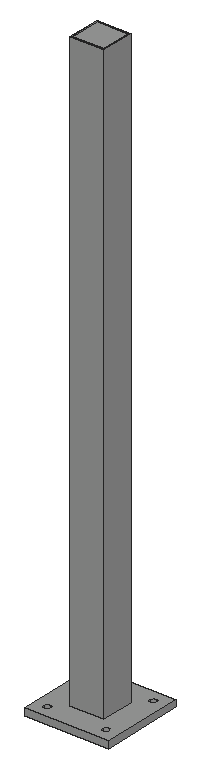
Revit family "Palmshield-Mercury-Semi-Private-Vinyl-Post", category Specialty Equipment, Revit 2026
Family settings
  Round Connector Dimension = Use Diameter
  Part Type = Normal
  Classification Number = 23.55.00.00
  Work Plane-Based = No
  Enable Cutting in Views = No
  Always vertical = No
  Cut with Voids When Loaded = No
  Maintain Annotation Orientation = No
  Shared = No
  Room Calculation Point = No
Parameters (values of type "Assembly")
  Warranty URL = "https://palmshieldlouvers.com/wp-content/uploads/2020/01/PalmSHIELD-Warranty-NO-SIGN-LINE.pdf"
  Version = "2020 - v1.0a"  # constant formula
  URL = "https://palmshieldlouvers.com/"
  Product Page URL = "https://palmshieldlouvers.com/products/mercury-eco-semi-private/"
  Product Documentation Link = "https://palmshieldlouvers.com/wp-content/uploads/2022/01/Mercury-Economic-Semi-Private-Aluminum-Composite.pdf"
  Post Position [instance] = 1
  Model = "Mercury Economic Semi Private - Aluminum"  # constant formula
  Material = Metal - PalmSHIELD - Dusty Grey
  Manufacturer Phone Number = "531-329-4406 "  # constant formula
  Manufacturer Email = "mailto: info@palmshieldlouvers.com"
  Manufacturer Address = "12330 Cary Circle, La Vista, NE 68128"  # constant formula
  Manufacturer = "PalmSHIELD"  # constant formula
  Keynote = "05 10 00"
  Instruction Sheet Link = "https://palmshieldlouvers.com/wp-content/uploads/2021/09/PalmSHIELD-Mercury-Series-Post-Panel-Gate-Installation-Instructions-2.docx"
  ID [instance] = "Not Assigned"
  Height [instance] = if(Desired Overall Height < C Min Height, C Min Height, if(Desired Overall Height > C Max Height, C Max Height, Desired Overall Height))  # 6' - 0"
  Desired Overall Height [instance] = 6' - 0"
  Description = "Mercury Economic Semi Private - Aluminum - Square Post"  # constant formula
  Default Elevation = 0' - 0"
  Copyright = "Copyright ©2024 The American Fence Company and PalmSHIELD. All Rights Reserved."  # constant formula
  Component Vis [instance] = yes
  Component Name [instance] = "Mercury Economic Semi Private - Aluminum - Square Post"  # constant formula
  C Post Width = 0' - 4"  # constant formula
  C Min Height [instance] = 3' - 4"  # constant formula
  C Max Height [instance] = 8' - 0"  # constant formula
  Assembly Code = "F1020100"
Reference planes (in)
  plane 1 "Center (Front/Back)": y = 0
  plane 2: z = 0
  plane 3 "Center (Left/Right)": x = 0
  plane 4: z = 72
  plane 5: y = 2
  plane 6: y = -2
  plane 7: x = 2
  plane 8: x = -2
Lines and regions (in)
  reference lines
    curve 1: line (-24.29961, 0, 72) -> (24.70039, 0, 72)
Dimensions and locks (in)
  "Desired Overall Height": curve 1 to plane 2
  "Height": plane 4 to plane 2
  equal spacing: plane 8, plane 3 "Center (Left/Right)", plane 7
  equal spacing: plane 5, plane 1 "Center (Front/Back)", plane 6
  "C Post Width": plane 5 to plane 6
  "C Post Width": plane 8 to plane 7
  aligned and locked: plane 2 to level
Automatic sketch dimensions
  curve 1 to plane 8 = 1' - 10.29961"
  curve 1 to plane 7 = 1' - 10.70039"
Nested families (in)
  nested 1: "Screening-Louver-Assembly-Post-Palmshield-Mercury_Economic_Semi_Private-Aluminum" at (0, 0, 0), Desired Overall Height <- "Desired Overall Height", ID <- "ID", Component Vis <- "Component Vis", Post Position <- "Post Position", type "Assembly"
    with Post Position 1, Overall Height 6' - 0", ID "Not Assigned", Desired Overall Height 6' - 0", Component Vis (Single) yes, Component Vis (Side) no, Component Vis (Double) no, Component Vis yes, Component Name "Mercury Economic Semi Private - Post Assembly", C Single Post yes, C Post Offset 0' - 0"
  nested 2: "Nested-Base_Plate-Palmshield-Mercury_Economic_Semi_Private" at (0, 0, 0), type "10" x 10" x 3/4""
    with Material Metal - PalmSHIELD - Dusty Grey, ID "Not Assigned", Component Name "Mercury Economic Semi Private - Aluminum - Base Plate"
  nested 3: "Nested-Square_Post-Aluminum-Palmshield-Mercury_Economic_Semi_Private" at (0, 0, 0.75), type "4" X 4" X 1/8" SQ. TUBE"
    with Material Metal - PalmSHIELD - Dusty Grey, Length 5' - 11 1/4", ID "Not Assigned", Component Name "Mercury Economic Semi Private - Aluminum - Square Post"
  nested 4: "Nested-Top_Cap-Palmshield-Mercury_Economic_Semi_Private" at (0, 0, 72) x (1, 0, 0) z (0, 0, -1), type "3 3/4" x 3 3/4" x 1/8""
    with Material Metal - PalmSHIELD - Dusty Grey, ID "Not Assigned", Component Name "Mercury Economic Semi Private - Aluminum - Square Top Cap"
Definition of nested family "Nested-Base_Plate-Palmshield-Mercury_Economic_Semi_Private"
  Parameters (values of type "10" x 14" x 3/4"")
    Width = if(Constraints = 1, 0' 10", 1' 2")  # 1' - 2"
    Warranty URL = "https://palmshieldlouvers.com/wp-content/uploads/2020/01/PalmSHIELD-Warranty-NO-SIGN-LINE.pdf"
    Version = "2020 - v1.0a"  # constant formula
    URL = "https://palmshieldlouvers.com/"
    Thickness = 0' - 0 3/4"  # constant formula
    Product Page URL = "Contact Manufacturer for More Information"
    Product Documentation Link = "Contact Manufacturer for More Information"
    Model = "Mercury Economic Semi Private"  # constant formula
    Material [instance] = none
    Manufacturer Phone Number = "531-329-4406 "  # constant formula
    Manufacturer Fax Number = "Consult Manufacturer Website for More Information"  # constant formula
    Manufacturer Email = "mailto: info@palmshieldlouvers.com"
    Manufacturer Address = "12330 Cary Circle, La Vista, NE 68128"  # constant formula
    Manufacturer = "PalmSHIELD"  # constant formula
    Keynote = "05 10 00"
    Instruction Sheet Link = "Contact Manufacturer for More Information"
    ID [instance] = ""
    Hole Diameter = 0' - 0 3/4"  # constant formula
    Height = 0' - 10"  # constant formula
    Description = "Mercury Economic Semi Private - Base Plate"  # constant formula
    Default Elevation = 4' - 0"
    Copyright = "Copyright ©2024 The American Fence Company and PalmSHIELD. All Rights Reserved."  # constant formula
    Constraints = 2
    Component Name [instance] = "Mercury Economic Semi Private - Aluminum - Base Plate"  # constant formula
    C Hole Offset = 0' - 1 1/2"  # constant formula
    Assembly Code = "F1020100"
  Types (2): name | Width | Constraints
    10" x 10" x 3/4" | 0' - 10" | 1
    10" x 14" x 3/4" | 1' - 2" | 2
  Reference planes (in)
    plane 1 "Center (Front/Back)": y = 0
    plane 2: z = 0
    plane 3 "Center (Left/Right)": x = 0
    plane 4: y = 5
    plane 5: x = 7
    plane 6: y = -5
    plane 7: x = -7
    plane 8: z = 0.75
  Forms (in)
    Extrusion 1, solid
      sketch origin (0, 0, 0) x (1, 0, 0) y (0, 1, 0)
        loop
          line (-48, 48) -> (-48, -48) -> (48, -48) -> (48, 48) -> (-48, 48)
      from 0 to -12
    Extrusion 2, solid, material <- "Material"
      sketch origin (0, 0, 0) x (1, 0, 0) y (0, 1, 0)
        loop
          line (-7, 5) -> (-7, -5) -> (7, -5) -> (7, 5) -> (-7, 5)
        loop
          circle (-5.5, 3.5) r 0.375
        loop
          circle (5.5, 3.5) r 0.375
        loop
          circle (-5.5, -3.5) r 0.375
        loop
          circle (5.5, -3.5) r 0.375
      from 0 to 0.75
  Dimensions and locks (in)
    equal spacing: plane 7, plane 3 "Center (Left/Right)", plane 5
    equal spacing: plane 4, plane 1 "Center (Front/Back)", plane 6
    "Width": plane 7 to plane 5
    "Height": plane 4 to plane 6
    "C Hole Offset": plane 7 to Extrusion 2 sketch curve  (x2)
    "C Hole Offset": Extrusion 2 sketch curve to plane 5  (x2)
    "C Hole Offset": plane 4 to Extrusion 2 sketch curve  (x2)
    "C Hole Offset": plane 6 to Extrusion 2 sketch curve  (x2)
    "Thickness": plane 8 to plane 2
    "Width": Extrusion 2 to Extrusion 2
    "Hole Diameter": diameter of Extrusion 2 sketch curve  (x4)
    aligned and locked: plane 2 to Extrusion 1
    aligned and locked: level to Extrusion 1
    aligned and locked: Extrusion 2 sketch curve to plane 4
    aligned and locked: plane 7 to Extrusion 2 sketch curve
    aligned and locked: Extrusion 2 sketch curve to plane 6
    aligned and locked: Extrusion 2 sketch curve to plane 5
    aligned and locked: plane 8 to Extrusion 2
  Automatic sketch dimensions
    Extrusion 1 sketch curve to Extrusion 1 sketch curve = 8' - 0"  (x2)
Definition of nested family "Nested-Square_Post-Aluminum-Palmshield-Mercury_Economic_Semi_Private"
  Parameters (values of type "4" X 4" X 1/8" SQ. TUBE")
    Width = 0' - 4"  # constant formula
    Warranty URL = "https://palmshieldlouvers.com/wp-content/uploads/2020/01/PalmSHIELD-Warranty-NO-SIGN-LINE.pdf"
    Version = "2020 - v1.0a"  # constant formula
    URL = "https://palmshieldlouvers.com/"
    Thickness = 0' - 0 1/8"  # constant formula
    Product Page URL = "Contact Manufacturer for More Information"
    Product Documentation Link = "Contact Manufacturer for More Information"
    Model = "Mercury Economic Semi Private"  # constant formula
    Material [instance] = none
    Manufacturer Phone Number = "531-329-4406 "  # constant formula
    Manufacturer Fax Number = "Consult Manufacturer Website for More Information"  # constant formula
    Manufacturer Email = "mailto: info@palmshieldlouvers.com"
    Manufacturer Address = "12330 Cary Circle, La Vista, NE 68128"  # constant formula
    Manufacturer = "PalmSHIELD"  # constant formula
    Length [instance] = 4' - 4.86713"
    Keynote = "05 10 00"
    Instruction Sheet Link = "Contact Manufacturer for More Information"
    ID [instance] = ""
    Description = "Mercury Economic Semi Private - Post"  # constant formula
    Default Elevation = 4' - 0"
    Copyright = "Copyright ©2024 The American Fence Company and PalmSHIELD. All Rights Reserved."  # constant formula
    Component Name [instance] = "Mercury Economic Semi Private - Aluminum - Square Post"  # constant formula
    Assembly Code = "F1020100"
  Reference planes (in)
    plane 1 "Center (Front/Back)": y = 0
    plane 2: z = 0
    plane 3 "Center (Left/Right)": x = 0
    plane 4: z = 52.86713
    plane 5: x = 2
    plane 6: x = -2
  Forms (in)
    Extrusion 1, solid
      sketch origin (0, 0, 0) x (1, 0, 0) y (0, 1, 0)
        loop
          line (-48, 48) -> (-48, -48) -> (48, -48) -> (48, 48) -> (-48, 48)
      from 0 to -12
    Sweep 2, solid, material <- "Material"
      path origin (0, 0, 0) x (0, 1, 0) y (0, 0, 1)
        loop
          line (0, 0) -> (0, 52.86713)
      profile "Profile-Palmshield-Square : 4" X 4" X 1/8" SQ. TUBE" origin (0, 0, 26.43357) x (0, -1, 0) y (1, 0, 0)
        loop
          line (1.875, 1.875) -> (-1.875, 1.875) -> (-1.875, -1.875) -> (1.875, -1.875) -> (1.875, 1.875)
        loop
          line (-2, -2) -> (2, -2) -> (2, 2) -> (-2, 2) -> (-2, -2)
  Dimensions and locks (in)
    "Length": plane 4 to plane 2
    equal spacing: plane 5, plane 3 "Center (Left/Right)", plane 6
    "Width": plane 5 to plane 6
    aligned and locked: plane 2 to Extrusion 1
    aligned and locked: level to Extrusion 1
    aligned and locked: plane 1 "Center (Front/Back)" to Sweep 2 sketch curve
    aligned and locked: plane 4 to Sweep 2 sketch curve
  Automatic sketch dimensions
    Extrusion 1 sketch curve to Extrusion 1 sketch curve = 8' - 0"  (x2)
    Sweep 2 sketch curve to level = 0' - 0"
Definition of nested family "Nested-Top_Cap-Palmshield-Mercury_Economic_Semi_Private"
  Parameters (values of type "3 3/4" x 3 3/4" x 1/8"")
    Width = 0' 4" - 2 * Thickness  # 0' - 3 3/4"
    Warranty URL = "https://palmshieldlouvers.com/wp-content/uploads/2020/01/PalmSHIELD-Warranty-NO-SIGN-LINE.pdf"
    Version = "2020 - v1.0a"  # constant formula
    URL = "https://palmshieldlouvers.com/"
    Thickness = 0' - 0 1/8"  # constant formula
    Product Page URL = "Contact Manufacturer for More Information"
    Product Documentation Link = "Contact Manufacturer for More Information"
    Model = "Mercury Economic Semi Private"  # constant formula
    Material [instance] = none
    Manufacturer Phone Number = "531-329-4406 "  # constant formula
    Manufacturer Fax Number = "Consult Manufacturer Website for More Information"  # constant formula
    Manufacturer Email = "mailto: info@palmshieldlouvers.com"
    Manufacturer Address = "12330 Cary Circle, La Vista, NE 68128"  # constant formula
    Manufacturer = "PalmSHIELD"  # constant formula
    Keynote = "05 10 00"
    Instruction Sheet Link = "Contact Manufacturer for More Information"
    ID [instance] = ""
    Description = "Mercury Economic Semi Private - Top Cap"  # constant formula
    Default Elevation = 4' - 0"
    Copyright = "Copyright ©2024 The American Fence Company and PalmSHIELD. All Rights Reserved."  # constant formula
    Component Name [instance] = "Mercury Economic Semi Private - Aluminum - Square Top Cap"  # constant formula
    Assembly Code = "F1020100"
  Reference planes (in)
    plane 1 "Center (Front/Back)": y = 0
    plane 2: z = 0
    plane 3 "Center (Left/Right)": x = 0
    plane 4: y = 1.875
    plane 5: x = 1.875
    plane 6: y = -1.875
    plane 7: x = -1.875
    plane 8: z = 0.125
  Forms (in)
    Extrusion 1, solid
      sketch origin (0, 0, 0) x (1, 0, 0) y (0, 1, 0)
        loop
          line (-48, 48) -> (-48, -48) -> (48, -48) -> (48, 48) -> (-48, 48)
      from 0 to -12
    Extrusion 2, solid, material <- "Material"
      sketch origin (0, 0, 0) x (1, 0, 0) y (0, 1, 0)
        loop
          line (-1.875, 1.875) -> (-1.875, -1.875) -> (1.875, -1.875) -> (1.875, 1.875) -> (-1.875, 1.875)
      from 0 to 0.125
  Dimensions and locks (in)
    equal spacing: plane 7, plane 3 "Center (Left/Right)", plane 5
    equal spacing: plane 4, plane 1 "Center (Front/Back)", plane 6
    "Width": plane 7 to plane 5
    "Width": plane 4 to plane 6
    "Thickness": plane 8 to plane 2
    aligned and locked: plane 2 to Extrusion 1
    aligned and locked: level to Extrusion 1
    aligned and locked: Extrusion 2 sketch curve to plane 4
    aligned and locked: plane 7 to Extrusion 2 sketch curve
    aligned and locked: Extrusion 2 sketch curve to plane 6
    aligned and locked: Extrusion 2 sketch curve to plane 5
    aligned and locked: plane 8 to Extrusion 2
  Automatic sketch dimensions
    Extrusion 1 sketch curve to Extrusion 1 sketch curve = 8' - 0"  (x2)
Definition of nested family "Screening-Louver-Assembly-Post-Palmshield-Mercury_Economic_Semi_Private-Aluminum"
  Parameters (values of type "Default")
    Width = 0' - 4"  # constant formula
    Warranty URL = "https://palmshieldlouvers.com/wp-content/uploads/2020/01/PalmSHIELD-Warranty-NO-SIGN-LINE.pdf"
    Version = "2020 - v1.0a"  # constant formula
    URL = "https://palmshieldlouvers.com/"
    Top Cap Thickness = 0' - 0 1/8"  # constant formula
    Component Vis (Side) [instance] = and(Component Vis, Post Position = 3)  # yes
    Product Page URL = "Contact Manufacturer for More Information"
    Product Documentation Link = "Contact Manufacturer for More Information"
    Post Position [instance] = 3
    Overall Height [instance] = if(Desired Overall Height < 3' 0", 3' 0", if(Desired Overall Height > 12' 0", 12' 0", Desired Overall Height))  # 6' - 0"
    Model = "Mercury Economic Semi Private"  # constant formula
    Component Vis (Single) [instance] = and(Component Vis, Post Position = 1)  # no
    Material = none
    Manufacturer Phone Number = "531-329-4406 "  # constant formula
    Manufacturer Fax Number = "Consult Manufacturer Website for More Information"  # constant formula
    Manufacturer Email = "mailto: info@palmshieldlouvers.com"
    Manufacturer Address = "12330 Cary Circle, La Vista, NE 68128"  # constant formula
    Manufacturer = "PalmSHIELD"  # constant formula
    Keynote = "05 10 00"
    Instruction Sheet Link = "Contact Manufacturer for More Information"
    ID [instance] = "Not Assigned"
    Desired Overall Height [instance] = 6' - 0"
    Description = "Mercury Economic Semi Private - Post Assembly"  # constant formula
    Default Elevation = 4' - 0"
    Component Vis (Double) [instance] = and(Component Vis, Post Position = 2)  # no
    Copyright = "Copyright ©2024 The American Fence Company and PalmSHIELD. All Rights Reserved."  # constant formula
    Component Vis [instance] = yes
    Component Name [instance] = "Mercury Economic Semi Private - Post Assembly"  # constant formula
    C Single Post [instance] = not([Component Vis (Double)])  # yes
    C Post Offset [instance] = if([Component Vis (Side)], 0' 2 1/2", 0' 0")  # 0' - 2 1/2"
    C Panel Offset from Ground = 0' - 2"  # constant formula
    Base Plate Thickness = 0' - 0 3/4"  # constant formula
    Assembly Code = "F1020100"
  Reference planes (in)
    plane 1 "Center (Front/Back)": y = 0
    plane 2: z = 0
    plane 3 "Center (Left/Right)": x = 0
    plane 4: x = 2
    plane 5: x = -2
    plane 6: z = 72
    plane 7: z = 2
  Forms (in)
    Extrusion 1, solid
      sketch origin (0, 0, 0) x (1, 0, 0) y (0, 1, 0)
        loop
          line (-48, 48) -> (-48, -48) -> (48, -48) -> (48, 48) -> (-48, 48)
      from 0 to -12
  Lines and regions (in)
    reference lines
      curve 1: line (-64.16684, 0, 72) -> (79.83316, 0, 72)
  Dimensions and locks (in)
    equal spacing: plane 4, plane 3 "Center (Left/Right)", plane 5
    "Width": plane 4 to plane 5
    "C Panel Offset from Ground": plane 7 to plane 2
    "Overall Height": plane 6 to plane 2
    "Desired Overall Height": curve 1 to plane 2
    "C Post Offset": plane 3 "Center (Left/Right)" to nested 2
    "C Post Offset": plane 3 "Center (Left/Right)" to nested 3
    aligned and locked: plane 2 to Extrusion 1
    aligned and locked: level to Extrusion 1
    aligned and locked: plane 1 "Center (Front/Back)" to nested 1
    aligned and locked: plane 1 "Center (Front/Back)" to nested 3
    aligned and locked: plane 6 to nested 2
    aligned and locked: plane 1 "Center (Front/Back)" to nested 4
    aligned and locked: plane 6 to nested 5
    aligned and locked: plane 6 to nested 6
    aligned and locked: plane 3 "Center (Left/Right)" to nested 5
    aligned and locked: nested 6 to plane 3 "Center (Left/Right)"
    aligned and locked: nested 5 to nested 7
    aligned and locked: plane 4 to nested 8
    aligned and locked: plane 3 "Center (Left/Right)" to nested 4
    aligned and locked: plane 3 "Center (Left/Right)" to nested 1
  Automatic sketch dimensions
    Extrusion 1 sketch curve to Extrusion 1 sketch curve = 8' - 0"  (x2)
    curve 1 to plane 5 = 5' - 2.16684"
    plane 4 to curve 1 = 6' - 5.83316"
  Nested families (in)
    nested 1: "Nested-Base_Plate-Palmshield-Mercury_Economic_Semi_Private" at (0, 0, 0), ID <- "ID", Material <- "Material", visible <- "C Single Post", type "10" x 10" x 3/4""
      with Material none, ID "Not Assigned", Component Name "Mercury Economic Semi Private - Aluminum - Base Plate"
    nested 2: "Nested-Square_Post-Aluminum-Palmshield-Mercury_Economic_Semi_Private" at (2.5, 0, 0.75), ID <- "ID", Material <- "Material", visible <- "C Single Post", type "4" X 4" X 1/8" SQ. TUBE"
      with Material none, Length 5' - 11 1/4", ID "Not Assigned", Component Name "Mercury Economic Semi Private - Aluminum - Square Post"
    nested 3: "Nested-Top_Cap-Palmshield-Mercury_Economic_Semi_Private" at (2.5, 0, 72) x (1, 0, 0) z (0, 0, -1), ID <- "ID", Material <- "Material", visible <- "C Single Post", type "3 3/4" x 3 3/4" x 1/8""
      with Material none, ID "Not Assigned", Component Name "Mercury Economic Semi Private - Aluminum - Square Top Cap"
    nested 4: "Nested-Base_Plate-Palmshield-Mercury_Economic_Semi_Private" at (0, 0, 0), ID <- "ID", Material <- "Material", visible <- "Component Vis (Double)", type "10" x 14" x 3/4""
      with Material none, ID "Not Assigned", Component Name "Mercury Economic Semi Private - Aluminum - Base Plate"
    nested 5: "Nested-Square_Post-Aluminum-Palmshield-Mercury_Economic_Semi_Private" at (-2, 0, 0.75), ID <- "ID", Material <- "Material", visible <- "Component Vis (Double)", type "4" X 4" X 1/8" SQ. TUBE"
      with Material none, Length 5' - 11 1/4", ID "Not Assigned", Component Name "Mercury Economic Semi Private - Aluminum - Square Post"
    nested 6: "Nested-Square_Post-Aluminum-Palmshield-Mercury_Economic_Semi_Private" at (2, 0, 0.75), ID <- "ID", Material <- "Material", visible <- "Component Vis (Double)", type "4" X 4" X 1/8" SQ. TUBE"
      with Material none, Length 5' - 11 1/4", ID "Not Assigned", Component Name "Mercury Economic Semi Private - Aluminum - Square Post"
    nested 7: "Nested-Top_Cap-Palmshield-Mercury_Economic_Semi_Private" at (-2, 0, 72) x (1, 0, 0) z (0, 0, -1), ID <- "ID", Material <- "Material", visible <- "Component Vis (Double)", type "3 3/4" x 3 3/4" x 1/8""
      with Material none, ID "Not Assigned", Component Name "Mercury Economic Semi Private - Aluminum - Square Top Cap"
    nested 8: "Nested-Top_Cap-Palmshield-Mercury_Economic_Semi_Private" at (2, 0, 72) x (1, 0, 0) z (0, 0, -1), ID <- "ID", Material <- "Material", visible <- "Component Vis (Double)", type "3 3/4" x 3 3/4" x 1/8""
      with Material none, ID "Not Assigned", Component Name "Mercury Economic Semi Private - Aluminum - Square Top Cap"
  Definition of nested family "Nested-Base_Plate-Palmshield-Mercury_Economic_Semi_Private"
    Parameters (values of type "10" x 14" x 3/4"")
      Width = if(Constraints = 1, 0' 10", 1' 2")  # 1' - 2"
      Warranty URL = "https://palmshieldlouvers.com/wp-content/uploads/2020/01/PalmSHIELD-Warranty-NO-SIGN-LINE.pdf"
      Version = "2020 - v1.0a"  # constant formula
      URL = "https://palmshieldlouvers.com/"
      Thickness = 0' - 0 3/4"  # constant formula
      Product Page URL = "Contact Manufacturer for More Information"
      Product Documentation Link = "Contact Manufacturer for More Information"
      Model = "Mercury Economic Semi Private"  # constant formula
      Material [instance] = none
      Manufacturer Phone Number = "531-329-4406 "  # constant formula
      Manufacturer Fax Number = "Consult Manufacturer Website for More Information"  # constant formula
      Manufacturer Email = "mailto: info@palmshieldlouvers.com"
      Manufacturer Address = "12330 Cary Circle, La Vista, NE 68128"  # constant formula
      Manufacturer = "PalmSHIELD"  # constant formula
      Keynote = "05 10 00"
      Instruction Sheet Link = "Contact Manufacturer for More Information"
      ID [instance] = ""
      Hole Diameter = 0' - 0 3/4"  # constant formula
      Height = 0' - 10"  # constant formula
      Description = "Mercury Economic Semi Private - Base Plate"  # constant formula
      Default Elevation = 4' - 0"
      Copyright = "Copyright ©2024 The American Fence Company and PalmSHIELD. All Rights Reserved."  # constant formula
      Constraints = 2
      Component Name [instance] = "Mercury Economic Semi Private - Aluminum - Base Plate"  # constant formula
      C Hole Offset = 0' - 1 1/2"  # constant formula
      Assembly Code = "F1020100"
    Types (2): name | Width | Constraints
      10" x 10" x 3/4" | 0' - 10" | 1
      10" x 14" x 3/4" | 1' - 2" | 2
    Reference planes (in)
      plane 1 "Center (Front/Back)": y = 0
      plane 2: z = 0
      plane 3 "Center (Left/Right)": x = 0
      plane 4: y = 5
      plane 5: x = 7
      plane 6: y = -5
      plane 7: x = -7
      plane 8: z = 0.75
    Forms (in)
      Extrusion 1, solid
        sketch origin (0, 0, 0) x (1, 0, 0) y (0, 1, 0)
          loop
            line (-48, 48) -> (-48, -48) -> (48, -48) -> (48, 48) -> (-48, 48)
        from 0 to -12
      Extrusion 2, solid, material <- "Material"
        sketch origin (0, 0, 0) x (1, 0, 0) y (0, 1, 0)
          loop
            line (-7, 5) -> (-7, -5) -> (7, -5) -> (7, 5) -> (-7, 5)
          loop
            circle (-5.5, 3.5) r 0.375
          loop
            circle (5.5, 3.5) r 0.375
          loop
            circle (-5.5, -3.5) r 0.375
          loop
            circle (5.5, -3.5) r 0.375
        from 0 to 0.75
    Dimensions and locks (in)
      equal spacing: plane 7, plane 3 "Center (Left/Right)", plane 5
      equal spacing: plane 4, plane 1 "Center (Front/Back)", plane 6
      "Width": plane 7 to plane 5
      "Height": plane 4 to plane 6
      "C Hole Offset": plane 7 to Extrusion 2 sketch curve  (x2)
      "C Hole Offset": Extrusion 2 sketch curve to plane 5  (x2)
      "C Hole Offset": plane 4 to Extrusion 2 sketch curve  (x2)
      "C Hole Offset": plane 6 to Extrusion 2 sketch curve  (x2)
      "Thickness": plane 8 to plane 2
      "Width": Extrusion 2 to Extrusion 2
      "Hole Diameter": diameter of Extrusion 2 sketch curve  (x4)
      aligned and locked: plane 2 to Extrusion 1
      aligned and locked: level to Extrusion 1
      aligned and locked: Extrusion 2 sketch curve to plane 4
      aligned and locked: plane 7 to Extrusion 2 sketch curve
      aligned and locked: Extrusion 2 sketch curve to plane 6
      aligned and locked: Extrusion 2 sketch curve to plane 5
      aligned and locked: plane 8 to Extrusion 2
    Automatic sketch dimensions
      Extrusion 1 sketch curve to Extrusion 1 sketch curve = 8' - 0"  (x2)
  Definition of nested family "Nested-Square_Post-Aluminum-Palmshield-Mercury_Economic_Semi_Private"
    Parameters (values of type "4" X 4" X 1/8" SQ. TUBE")
      Width = 0' - 4"  # constant formula
      Warranty URL = "https://palmshieldlouvers.com/wp-content/uploads/2020/01/PalmSHIELD-Warranty-NO-SIGN-LINE.pdf"
      Version = "2020 - v1.0a"  # constant formula
      URL = "https://palmshieldlouvers.com/"
      Thickness = 0' - 0 1/8"  # constant formula
      Product Page URL = "Contact Manufacturer for More Information"
      Product Documentation Link = "Contact Manufacturer for More Information"
      Model = "Mercury Economic Semi Private"  # constant formula
      Material [instance] = none
      Manufacturer Phone Number = "531-329-4406 "  # constant formula
      Manufacturer Fax Number = "Consult Manufacturer Website for More Information"  # constant formula
      Manufacturer Email = "mailto: info@palmshieldlouvers.com"
      Manufacturer Address = "12330 Cary Circle, La Vista, NE 68128"  # constant formula
      Manufacturer = "PalmSHIELD"  # constant formula
      Length [instance] = 4' - 4.86713"
      Keynote = "05 10 00"
      Instruction Sheet Link = "Contact Manufacturer for More Information"
      ID [instance] = ""
      Description = "Mercury Economic Semi Private - Post"  # constant formula
      Default Elevation = 4' - 0"
      Copyright = "Copyright ©2024 The American Fence Company and PalmSHIELD. All Rights Reserved."  # constant formula
      Component Name [instance] = "Mercury Economic Semi Private - Aluminum - Square Post"  # constant formula
      Assembly Code = "F1020100"
    Reference planes (in)
      plane 1 "Center (Front/Back)": y = 0
      plane 2: z = 0
      plane 3 "Center (Left/Right)": x = 0
      plane 4: z = 52.86713
      plane 5: x = 2
      plane 6: x = -2
    Forms (in)
      Extrusion 1, solid
        sketch origin (0, 0, 0) x (1, 0, 0) y (0, 1, 0)
          loop
            line (-48, 48) -> (-48, -48) -> (48, -48) -> (48, 48) -> (-48, 48)
        from 0 to -12
      Sweep 2, solid, material <- "Material"
        path origin (0, 0, 0) x (0, 1, 0) y (0, 0, 1)
          loop
            line (0, 0) -> (0, 52.86713)
        profile "Profile-Palmshield-Square : 4" X 4" X 1/8" SQ. TUBE" origin (0, 0, 26.43357) x (0, -1, 0) y (1, 0, 0)
          loop
            line (1.875, 1.875) -> (-1.875, 1.875) -> (-1.875, -1.875) -> (1.875, -1.875) -> (1.875, 1.875)
          loop
            line (-2, -2) -> (2, -2) -> (2, 2) -> (-2, 2) -> (-2, -2)
    Dimensions and locks (in)
      "Length": plane 4 to plane 2
      equal spacing: plane 5, plane 3 "Center (Left/Right)", plane 6
      "Width": plane 5 to plane 6
      aligned and locked: plane 2 to Extrusion 1
      aligned and locked: level to Extrusion 1
      aligned and locked: plane 1 "Center (Front/Back)" to Sweep 2 sketch curve
      aligned and locked: plane 4 to Sweep 2 sketch curve
    Automatic sketch dimensions
      Extrusion 1 sketch curve to Extrusion 1 sketch curve = 8' - 0"  (x2)
      Sweep 2 sketch curve to level = 0' - 0"
  Definition of nested family "Nested-Top_Cap-Palmshield-Mercury_Economic_Semi_Private"
    Parameters (values of type "3 3/4" x 3 3/4" x 1/8"")
      Width = 0' 4" - 2 * Thickness  # 0' - 3 3/4"
      Warranty URL = "https://palmshieldlouvers.com/wp-content/uploads/2020/01/PalmSHIELD-Warranty-NO-SIGN-LINE.pdf"
      Version = "2020 - v1.0a"  # constant formula
      URL = "https://palmshieldlouvers.com/"
      Thickness = 0' - 0 1/8"  # constant formula
      Product Page URL = "Contact Manufacturer for More Information"
      Product Documentation Link = "Contact Manufacturer for More Information"
      Model = "Mercury Economic Semi Private"  # constant formula
      Material [instance] = none
      Manufacturer Phone Number = "531-329-4406 "  # constant formula
      Manufacturer Fax Number = "Consult Manufacturer Website for More Information"  # constant formula
      Manufacturer Email = "mailto: info@palmshieldlouvers.com"
      Manufacturer Address = "12330 Cary Circle, La Vista, NE 68128"  # constant formula
      Manufacturer = "PalmSHIELD"  # constant formula
      Keynote = "05 10 00"
      Instruction Sheet Link = "Contact Manufacturer for More Information"
      ID [instance] = ""
      Description = "Mercury Economic Semi Private - Top Cap"  # constant formula
      Default Elevation = 4' - 0"
      Copyright = "Copyright ©2024 The American Fence Company and PalmSHIELD. All Rights Reserved."  # constant formula
      Component Name [instance] = "Mercury Economic Semi Private - Aluminum - Square Top Cap"  # constant formula
      Assembly Code = "F1020100"
    Reference planes (in)
      plane 1 "Center (Front/Back)": y = 0
      plane 2: z = 0
      plane 3 "Center (Left/Right)": x = 0
      plane 4: y = 1.875
      plane 5: x = 1.875
      plane 6: y = -1.875
      plane 7: x = -1.875
      plane 8: z = 0.125
    Forms (in)
      Extrusion 1, solid
        sketch origin (0, 0, 0) x (1, 0, 0) y (0, 1, 0)
          loop
            line (-48, 48) -> (-48, -48) -> (48, -48) -> (48, 48) -> (-48, 48)
        from 0 to -12
      Extrusion 2, solid, material <- "Material"
        sketch origin (0, 0, 0) x (1, 0, 0) y (0, 1, 0)
          loop
            line (-1.875, 1.875) -> (-1.875, -1.875) -> (1.875, -1.875) -> (1.875, 1.875) -> (-1.875, 1.875)
        from 0 to 0.125
    Dimensions and locks (in)
      equal spacing: plane 7, plane 3 "Center (Left/Right)", plane 5
      equal spacing: plane 4, plane 1 "Center (Front/Back)", plane 6
      "Width": plane 7 to plane 5
      "Width": plane 4 to plane 6
      "Thickness": plane 8 to plane 2
      aligned and locked: plane 2 to Extrusion 1
      aligned and locked: level to Extrusion 1
      aligned and locked: Extrusion 2 sketch curve to plane 4
      aligned and locked: plane 7 to Extrusion 2 sketch curve
      aligned and locked: Extrusion 2 sketch curve to plane 6
      aligned and locked: Extrusion 2 sketch curve to plane 5
      aligned and locked: plane 8 to Extrusion 2
    Automatic sketch dimensions
      Extrusion 1 sketch curve to Extrusion 1 sketch curve = 8' - 0"  (x2)
